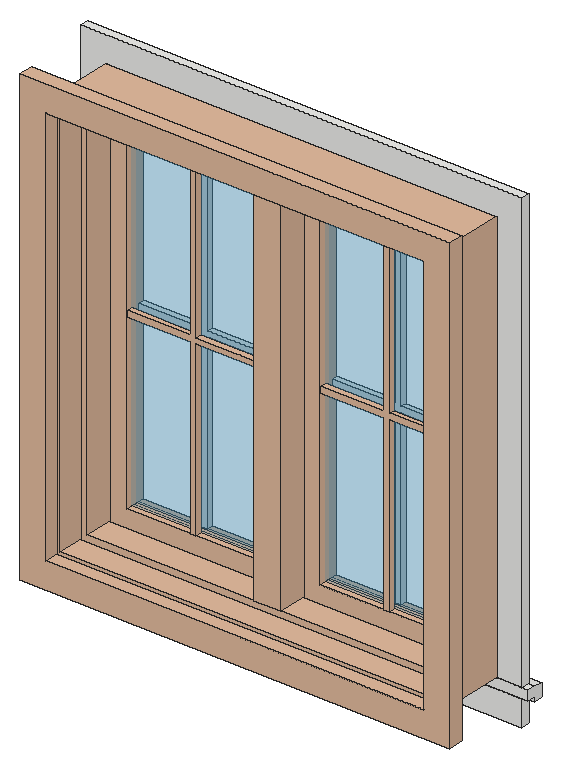
Revit family "Window-Casement-Double", category Windows, host Wall, Revit 2020
Family settings
  Host = Wall
  OmniClass Number = 23.30.20.17.21.14
  OmniClass Title = Casement Windows
  Always vertical = Yes
  Cut with Voids When Loaded = Yes
  Shared = Yes
  Room Calculation Point = Yes
Parameters (values of type "34" x 36"")
  Frame Extension [instance] = if(Exterior Trim Visibility, Window Inset + 0' 0 1/4", 0' 0 1/4")  # 0' - 0 1/4"
  Window Inset [instance] = 0' - 0"
  Wall Thickness [instance] = 0' - 6"
  Interior Wall Closure [instance] = 0' - 2 1/4"
  Interior Trim Material = Wood - Stained
  Half Width = Width / 2  # 1' - 5"
  Visual Light Transmittance = 0.81
  Thermal Resistance (R) = 1.8146 (h·ft²·°F)/BTU
  Solar Heat Gain Coefficient = 0.76
  Rough Width = Width + 0' 0 1/2"  # 2' - 10 1/2"
  Rough Height = Height + 0' 0 1/2"  # 3' - 0 1/2"
  Muntin Visibility = yes
  Muntin Pattern = Muntin Pattern_2x2 : Muntin Pattern_2x2
  Interior Trim Visibility [instance] = yes
  Interior Trim = Trim-Window-Interior-Flat : Picture Frame
  Height = 3' - 0"
  Interior Frame Material = Wood - Stained
  Heat Transfer Coefficient (U) = 0.5511 BTU/(h·ft²·°F)
  Glass Panel Material = Glass
  Fire Rating = "0.5h"
  Exterior Wall Closure [instance] = 0' - 1 1/4"
  Exterior Trim Visibility [instance] = yes
  Exterior Trim Material = Clad - White
  Exterior Trim = Trim-Window-Exterior-Flat : with Sill
  Exterior Frame Material = Clad - White
  Extension Jamb Visibility [instance] = and(Interior Trim Visibility, Wall Thickness - Window Inset > 0' 3 3/4")  # yes
  Extension Jamb [instance] = if(Wall Thickness - Window Inset > 0' 3 3/4", Wall Thickness - Window Inset - 0' 3 3/4", 0' 1")  # 0' - 2 1/4"
  Define Thermal Properties by = Schematic Type
  Default Sill Height = 3' - 0"
  Wall Closure = By host
  Width = 2' - 10"
  Assembly Code = "B2020100"
  Analytic Construction = "Double glazing - domestic"
Reference planes (in)
  plane 1 "Center (Front/Back)": y = 0
  plane 2: z = 0
  plane 3 "Center (Left/Right)": x = 0
  plane 4 "Left": x = -17
  plane 5 "Right": x = 17
  plane 6 "Sill": z = 36
  plane 7 "Top": z = 72
  plane 8 "Inset Face": y = 3
  plane 9 "Wall Closure": y = -0.75
  plane 10 "Sash Face": y = 3.5
  plane 11 "Exterior": y = 3
  plane 12: x = 16.5
  plane 13: x = -16.5
  plane 14: z = 71.5
  plane 15: z = 36.5
  plane 16: x = 14.25
  plane 17: x = -14.25
  plane 18: z = 69.25
  plane 19: z = 38.75
  plane 20: x = 0.375
  plane 21: x = -0.375
  plane 22: y = 2.25
  plane 23 "Glass": y = 2.625
  plane 24 "Middle": z = 54
  plane 25: y = 3.75
  plane 26: y = 3.75
  plane 27 "Interior": y = -3
  plane 28 "Jamb": y = -0.75
  plane 29: x = -1.1875
  plane 30: x = 1.1875
  plane 31: x = 2.625
  plane 32: x = -2.625
  plane 33: y = -0.75
  plane 34: y = 1.75
  plane 35: y = 3.75
Forms (in)
  Sweep 1, solid, material "Wood - Stained" <- "Interior Frame Material"
    path origin (0, 3.5, 0) x (-1, 0, 0) y (0, 0, 1)
      loop
        line (-17, 36) -> (17, 36) -> (17, 72) -> (-17, 72) -> (-17, 36)
    profile origin (17, 3.5, 54) x (1, 0, 0) y (0, 1, 0)
      loop
        line (0, 0.25) -> (-0.5, 0.25) -> (-0.5, -1.75) -> (-1.25, -1.75) -> (-1.25, -4.25) -> (0, -4.25) -> (0, 0.25)
  Extrusion 2, solid, material "Wood - Stained" <- "Interior Frame Material", visible <- "Extension Jamb Visibility"
    sketch origin (0, 0, 0) x (1, 0, 0) y (0, 0, 1)
      loop
        line (17, 72) -> (-17, 72) -> (-17, 36) -> (17, 36) -> (17, 72)
      loop
        line (16.25, 36.75) -> (16.25, 71.25) -> (-16.25, 71.25) -> (-16.25, 36.75) -> (16.25, 36.75)
    from 0.75 to 3
  Sweep 3, solid, material "Wood - Stained" <- "Interior Frame Material"
    path origin (0, 3.5, 0) x (-1, 0, 0) y (0, 0, 1)
      loop
        line (-16.5, 71.5) -> (-16.5, 36.5) -> (-0.375, 36.5) -> (-0.375, 71.5) -> (-16.5, 71.5)
    profile origin (16.5, 3.5, 54) x (0, 1, 0) y (-1, 0, 0)
      loop
        line (0, 0) -> (0, 2.25) -> (-1.75, 2.25) -> (-1.75, 0) -> (0, 0)
  Sweep 4, solid, material "Wood - Stained" <- "Interior Frame Material"
    path origin (0, 3.5, 0) x (-1, 0, 0) y (0, 0, 1)
      loop
        line (0.375, 36.5) -> (16.5, 36.5) -> (16.5, 71.5) -> (0.375, 71.5) -> (0.375, 36.5)
    profile origin (-0.375, 3.5, 54) x (1, 0, 0) y (0, 1, 0)
      loop
        line (0, 0) -> (-2.25, 0) -> (-2.25, -1.75) -> (0, -1.75) -> (0, 0)
  Extrusion 5, solid, material "Glass"
    sketch origin (0, 0, 36) x (0, -1, 0) y (1, 0, 0)
      loop
        line (-3, 2.625) -> (-2.75, 2.625) -> (-2.75, 14.25) -> (-3, 14.25) -> (-3, 2.625)
      loop
        line (-2.25, 14.25) -> (-2.5, 14.25) -> (-2.5, 2.625) -> (-2.25, 2.625) -> (-2.25, 14.25)
    from 2.75 to 33.25
  Extrusion 6, solid, material "Glass"
    sketch origin (-27.625, 0, 36) x (0, -1, 0) y (1, 0, 0)
      loop
        line (-3, 13.375) -> (-2.75, 13.375) -> (-2.75, 25) -> (-3, 25) -> (-3, 13.375)
      loop
        line (-2.25, 25) -> (-2.5, 25) -> (-2.5, 13.375) -> (-2.25, 13.375) -> (-2.25, 25)
    from 2.75 to 33.25
  Extrusion 7, solid, material "Wood - Stained" <- "Interior Frame Material"
    sketch origin (0, 0, 36) x (0, -1, 0) y (1, 0, 0)
      loop
        line (-3.75, -0.375) -> (-1.75, -0.375) -> (-1.75, -1.1875) -> (0.75, -1.1875) -> (0.75, 1.1875) -> (-1.75, 1.1875) -> (-1.75, 0.375) -> (-3.75, 0.375) -> (-3.75, -0.375)
    from 0.5 to 35.5
  Extrusion 8, void
    sketch origin (0, 0, 0) x (1, 0, 0) y (0, 0, 1)
      loop
        line (1.1875, 37.25) -> (-1.1875, 37.25) -> (-1.1875, 36.5) -> (1.1875, 36.5) -> (1.1875, 37.25)
      loop
        line (1.1875, 70.75) -> (1.1875, 71.5) -> (-1.1875, 71.5) -> (-1.1875, 70.75) -> (1.1875, 70.75)
    from -1.75 to 0.75
Cuts and joins
  Extrusion 8 cuts Extrusion 7
Lines and regions (in)
  Opening 1
    outline origin (-60, -3, 0) x (1, 0, 0) y (0, 0, 1)
      loop
        line (43, 72) -> (43, 36) -> (77, 36) -> (77, 72) -> (43, 72)
  Split face 1
    outline origin (14.25, 3.5, 38.75) x (-1, 0, 0) y (0, -1, 0)
      loop
        line (11.625, 0.5) -> (0, 0.5)
  Split face 2
    outline origin (14.25, 3.5, 69.25) x (0, 0, -1) y (0, -1, 0)
      loop
        line (0, 0.5) -> (30.5, 0.5)
  Split face 3
    outline origin (2.625, 3.5, 38.75) x (0, 0, 1) y (0, -1, 0)
      loop
        line (30.5, 0.5) -> (0, 0.5)
  Split face 4
    outline origin (2.625, 3.5, 69.25) x (0, -1, 0) y (1, 0, 0)
      loop
        line (0.5, 0) -> (0.5, 11.625)
  Split face 5
    outline origin (-14.25, 1.75, 38.75) x (1, 0, 0) y (0, 1, 0)
      loop
        line (0, 1.25) -> (11.625, 1.25)
  Split face 6
    outline origin (-2.625, 1.75, 38.75) x (0, 0, 1) y (0, 1, 0)
      loop
        line (30.5, 1.25) -> (0, 1.25)
  Split face 7
    outline origin (-14.25, 1.75, 69.25) x (0, 0, -1) y (0, 1, 0)
      loop
        line (30.5, 1.25) -> (0, 1.25)
  Split face 8
    outline origin (-2.625, 1.75, 69.25) x (0, 1, 0) y (-1, 0, 0)
      loop
        line (1.25, 11.625) -> (1.25, 0)
  symbolic lines, style "Elevation Swing"
    curve 1: line (0.375, 0, 71.5) -> (16.5, 0, 54)
    curve 2: line (16.5, 0, 54) -> (0.375, 0, 36.5)
    curve 3: line (-0.375, 0, 71.5) -> (-16.5, 0, 54)
    curve 4: line (-16.5, 0, 54) -> (-0.375, 0, 36.5)
Text (in)
  text "EXTERIOR" at (-58.6888, 50.90694, 0), in view "Ref. Level"
  text "INTERIOR" at (-58.6888, -37.76638, 0), in view "Ref. Level"
  text "Exterior" at (0, 43.65631, 123.19604), in view "Left"
  text "Exterior" at (0, 18.29385, 125.04747), in view "Right"
Dimensions and locks (in)
  equal spacing: plane 4 "Left", plane 3 "Center (Left/Right)", plane 5 "Right"
  "Width": plane 4 "Left" to plane 5 "Right"
  "Height": plane 6 "Sill" to plane 7 "Top"
  "Default Sill Height": plane 2 to plane 6 "Sill"
  locked: plane 10 "Sash Face" to plane 8 "Inset Face" at 0.5
  "Wall Thickness": host wall to host wall
  "Window Inset": plane 11 "Exterior" to plane 8 "Inset Face"
  locked: Sweep 1 sketch curve to plane 5 "Right" at 1.25
  locked: Sweep 1 sketch curve to plane 5 "Right" at 0.5
  locked: plane 10 "Sash Face" to Sweep 1 sketch curve at 1.75
  locked: plane 12 to plane 5 "Right" at 0.5
  locked: plane 4 "Left" to plane 13 at 0.5
  locked: plane 14 to plane 7 "Top" at 0.5
  locked: plane 6 "Sill" to plane 15 at 0.5
  locked: plane 16 to plane 12 at 2.25
  locked: plane 13 to plane 17 at 2.25
  locked: plane 18 to plane 14 at 2.25
  locked: plane 15 to plane 19 at 2.25
  locked: Extrusion 2 sketch curve to plane 7 "Top" at 0.75
  locked: Extrusion 2 sketch curve to plane 5 "Right" at 0.75
  locked: Extrusion 2 sketch curve to plane 4 "Left" at 0.75
  locked: plane 6 "Sill" to Extrusion 2 sketch curve at 0.75
  equal spacing: plane 21, plane 3 "Center (Left/Right)", plane 20
  locked: plane 21 to plane 20 at 0.75
  plane 22 to Sweep 3 = 0' - 0 1/2"
  equal spacing: plane 8 "Inset Face", plane 23 "Glass", plane 22
  locked: plane 8 "Inset Face" to plane 22 at 0.75
  equal spacing: plane 6 "Sill", plane 24 "Middle", plane 7 "Top"
  locked: plane 25 to plane 11 "Exterior" at 0.75
  locked: plane 26 to plane 10 "Sash Face" at 0.25
  "Extension Jamb": plane 28 "Jamb" to plane 27 "Interior"
  locked: plane 8 "Inset Face" to plane 9 "Wall Closure" at 3.75
  equal spacing: plane 29, plane 3 "Center (Left/Right)", plane 30
  locked: plane 29 to plane 30 at 2.375
  Extrusion 2 to Extrusion 8 = 2' - 11 1/2"
  locked: plane 30 to plane 31 at 1.4375
  locked: plane 29 to plane 32 at 1.4375
  "Interior Wall Closure": plane 33 to plane 27 "Interior"
  "Exterior Wall Closure": plane 11 "Exterior" to plane 34
  "Frame Extension": plane 35 to plane 10 "Sash Face"
  aligned and locked: plane 7 "Top" to Opening 1 sketch curve
  aligned and locked: plane 6 "Sill" to Opening 1 sketch curve  (x2)
  aligned and locked: plane 5 "Right" to Opening 1 sketch curve
  aligned and locked: plane 4 "Left" to Opening 1 sketch curve
  aligned and locked: level to plane 2
  aligned and locked: host wall to plane 11 "Exterior"
  aligned and locked: plane 5 "Right" to Sweep 1 sketch curve
  aligned and locked: plane 7 "Top" to Sweep 1 sketch curve
  aligned and locked: Sweep 1 sketch curve to plane 4 "Left"
  aligned and locked: Sweep 1 sketch curve to plane 6 "Sill"
  aligned and locked: Extrusion 2 sketch curve to host wall  (x3)
  aligned and locked: plane 7 "Top" to Extrusion 2 sketch curve
  aligned and locked: host wall to Extrusion 2
  aligned and locked: Sweep 3 sketch curve to plane 12
  aligned and locked: plane 14 to Sweep 3 sketch curve
  aligned and locked: Sweep 3 sketch curve to plane 15
  aligned and locked: plane 16 to Sweep 3 sketch curve
  aligned and locked: plane 10 "Sash Face" to Sweep 3 sketch curve
  aligned and locked: plane 20 to Sweep 3 sketch curve
  aligned and locked: plane 21 to Sweep 4 sketch curve
  aligned and locked: plane 15 to Sweep 4 sketch curve
  aligned and locked: Sweep 4 sketch curve to plane 13
  aligned and locked: Sweep 4 sketch curve to plane 14
  aligned and locked: Split face 1 sketch curve to plane 8 "Inset Face"
  aligned and locked: plane 8 "Inset Face" to Split face 2 sketch curve
  aligned and locked: plane 8 "Inset Face" to Split face 3 sketch curve
  aligned and locked: Split face 4 sketch curve to plane 8 "Inset Face"
  aligned and locked: Extrusion 5 sketch curve to plane 8 "Inset Face"
  aligned and locked: plane 16 to Extrusion 5 sketch curve
  aligned and locked: Sweep 3 to Extrusion 5 sketch curve
  aligned and locked: Extrusion 5 sketch curve to plane 22
  aligned and locked: Extrusion 5 sketch curve to plane 16
  aligned and locked: Extrusion 5 sketch curve to Sweep 3
  aligned and locked: plane 18 to Extrusion 5
  aligned and locked: Extrusion 5 to plane 19
  aligned and locked: Extrusion 6 sketch curve to plane 8 "Inset Face"
  aligned and locked: plane 22 to Extrusion 6 sketch curve
  aligned and locked: Sweep 4 to Extrusion 6 sketch curve  (x2)
  aligned and locked: Extrusion 6 sketch curve to plane 17  (x2)
  aligned and locked: plane 19 to nested 1
  aligned and locked: nested 1 to plane 23 "Glass"
  aligned and locked: plane 23 "Glass" to nested 2
  aligned and locked: nested 2 to plane 19
  aligned and locked: plane 24 "Middle" to curve 2
  aligned and locked: plane 24 "Middle" to curve 4
  aligned and locked: plane 14 to curve 1
  aligned and locked: plane 14 to curve 3
  aligned and locked: plane 15 to curve 2
  aligned and locked: plane 15 to curve 4
  aligned and locked: plane 18 to Extrusion 6
  aligned and locked: Split face 5 sketch curve to Extrusion 6
  aligned and locked: plane 8 "Inset Face" to Split face 6 sketch curve
  aligned and locked: Split face 7 sketch curve to plane 8 "Inset Face"
  aligned and locked: Split face 8 sketch curve to plane 8 "Inset Face"
  aligned and locked: plane 27 "Interior" to host wall
  aligned and locked: plane 28 "Jamb" to Extrusion 2
  aligned and locked: plane 9 "Wall Closure" to Sweep 1
  aligned and locked: Extrusion 7 sketch curve to plane 26
  aligned and locked: Extrusion 7 to Sweep 1
  aligned and locked: Sweep 1 to Extrusion 8 sketch curve
  aligned and locked: plane 30 to Extrusion 8 sketch curve
  aligned and locked: Extrusion 8 sketch curve to Extrusion 7
  aligned and locked: Extrusion 7 to Extrusion 8 sketch curve
  aligned and locked: Extrusion 8 to Sweep 1
  aligned and locked: Sweep 1 to Extrusion 8
  aligned and locked: plane 9 "Wall Closure" to Extrusion 7 sketch curve
  aligned and locked: plane 14 to cut or joined group of Extrusion 7, Extrusion 8
  aligned and locked: nested 3 to plane 11 "Exterior"
  aligned and locked: plane 27 "Interior" to nested 3
  aligned and locked: nested 3 to plane 4 "Left"
  aligned and locked: plane 3 "Center (Left/Right)" to nested 4
  aligned and locked: nested 4 to plane 11 "Exterior"
  aligned and locked: nested 3 to plane 7 "Top"
  aligned and locked: nested 4 to plane 7 "Top"
  aligned and locked: nested 2 to plane 16
  aligned and locked: nested 1 to plane 17
  aligned and locked: plane 18 to nested 1
  aligned and locked: nested 2 to plane 18
  aligned and locked: nested 2 to plane 31
  aligned and locked: nested 1 to plane 32
  aligned and locked: plane 7 "Top" to nested 6
  aligned and locked: plane 3 "Center (Left/Right)" to nested 6
  aligned and locked: plane 7 "Top" to nested 5
  aligned and locked: nested 5 to plane 3 "Center (Left/Right)"
  aligned and locked: plane 35 to Sweep 1 sketch curve
Automatic sketch dimensions
  Sweep 3 sketch curve to profile plane = 0' - 0"
  Sweep 3 sketch curve to plane 10 "Sash Face" = 0' - 1 3/4"
  Sweep 4 sketch curve to plane 10 "Sash Face" = 0' - 0"
  Sweep 4 sketch curve to profile plane = 0' - 0"
  profile plane to Sweep 4 sketch curve = 0' - 2 1/4"
  Sweep 4 sketch curve to plane 10 "Sash Face" = 0' - 1 3/4"
  Split face 1 sketch curve to Sweep 3 = 0' - 0"  (x2)
  Sweep 3 to Split face 2 sketch curve = 0' - 0"
  Split face 2 sketch curve to Sweep 3 = 0' - 0"
  Split face 3 sketch curve to Sweep 3 = 0' - 0"
  Sweep 3 to Split face 3 sketch curve = 0' - 0"
  Split face 4 sketch curve to Sweep 3 = 0' - 0"  (x2)
  plane 23 "Glass" to Extrusion 5 sketch curve = 0' - 0 1/8"
  Extrusion 5 sketch curve to plane 23 "Glass" = 0' - 0 1/8"
  plane 23 "Glass" to Extrusion 6 sketch curve = 0' - 0 1/8"
  Extrusion 6 sketch curve to plane 23 "Glass" = 0' - 0 1/8"
  plane 13 to curve 4 = 0' - 0"
  plane 21 to curve 3 = 0' - 0"
  plane 21 to curve 4 = 0' - 0"
  plane 20 to curve 2 = 0' - 0"
  plane 20 to curve 1 = 0' - 0"
  plane 12 to curve 2 = 0' - 0"
  Split face 5 sketch curve to Sweep 4 = 0' - 0"  (x2)
  Split face 6 sketch curve to Sweep 4 = 0' - 0"
  Sweep 4 to Split face 6 sketch curve = 0' - 0"
  Sweep 4 to Split face 7 sketch curve = 0' - 0"
  Split face 7 sketch curve to Sweep 4 = 0' - 0"
  Split face 8 sketch curve to Sweep 4 = 0' - 0"  (x2)
  Extrusion 7 sketch curve to plane 29 = 0' - 0"
  Extrusion 7 sketch curve to plane 21 = 0' - 0"
  Extrusion 7 sketch curve to plane 20 = 0' - 0"
  Extrusion 7 sketch curve to plane 30 = 0' - 0"
  Extrusion 7 sketch curve to plane 22 = 0' - 0 1/2"  (x2)
  Extrusion 8 sketch curve to plane 14 = 0' - 0"
  Extrusion 8 sketch curve to plane 29 = 0' - 0"
  Extrusion 8 sketch curve to plane 30 = 0' - 0"
  Extrusion 8 sketch curve to plane 14 = 0' - 0 3/4"
  Sweep 1 sketch curve to profile plane = 0' - 0"
  Sweep 1 sketch curve to Sweep 1 sketch curve = 0' - 2 1/2"
Nested families (in)
  nested 1: "Muntin Pattern_2x2" at (-8.4375, 2.625, 38.75), type <- "Muntin Pattern", Exterior Material <- "Exterior Frame Material", Interior Material <- "Interior Frame Material", visible <- "Muntin Visibility", type "Muntin Pattern_2x2"
    with Width 0' - 11 5/8", Interior Material Wood - Stained, Height 2' - 6 1/2", Exterior Material Clad - White
  nested 2: "Muntin Pattern_2x2" at (8.4375, 2.625, 38.75) x (-1, 0, 0) z (0, 0, 1), type <- "Muntin Pattern", Exterior Material <- "Exterior Frame Material", Interior Material <- "Interior Frame Material", visible <- "Muntin Visibility", type "Muntin Pattern_2x2"
    with Width 0' - 11 5/8", Interior Material Wood - Stained, Height 2' - 6 1/2", Exterior Material Clad - White
  nested 3: "Plan-Casement" at (-8.5, 3, 36), Width <- "Half Width", Height <- "Height", Window Inset <- "Window Inset", Wall Thickness <- "Wall Thickness", type "Plan-Casement"
    with Window Inset of 3D 0' - 0", Window Inset 0' - 0", Width 1' - 5", Wall Thickness 0' - 6", Top Line yes, Right Line no, RH no, Left Line yes, LH yes, Height 3' - 0", Bottom Line yes
  nested 4: "Plan-Casement" at (8.5, 3, 36), Width <- "Half Width", Height <- "Height", Wall Thickness <- "Wall Thickness", Window Inset <- "Window Inset", type "Plan-Casement"
    with Window Inset of 3D 0' - 0", Window Inset 0' - 0", Width 1' - 5", Wall Thickness 0' - 6", Top Line yes, Right Line yes, RH yes, Left Line no, LH no, Height 3' - 0", Bottom Line yes
  nested 5: "Trim-Window-Exterior-Flat" at (0, 3, 72) x (-1, 0, 0) z (0, 1, 0), visible <- "Exterior Trim Visibility", Trim Material <- "Exterior Trim Material", Opening Width <- "Width", Opening Height <- "Height", type <- "Exterior Trim", type "with Sill"
    with Trim Material Clad - White, Opening Width 2' - 10", Opening Height 3' - 0"
  nested 6: "Trim-Window-Interior-Flat" at (0, -3, 72) x (1, 0, 0) z (0, -1, 0), visible <- "Interior Trim Visibility", Trim Material <- "Interior Trim Material", Opening Width <- "Width", Opening Height <- "Height", type <- "Interior Trim", type "Picture Frame"
    with Trim Material Wood - Stained, Opening Width 2' - 10", Opening Height 3' - 0"
Definition of nested family "Muntin Pattern_2x2"
  Parameters (values of type "Muntin Pattern_2x2")
    Width [instance] = 4' - 0"
    Thickness = 0' - 0 1/2"
    Height [instance] = 4' - 0"
    Interior Material [instance] = none
    Exterior Material [instance] = none
    Distance = 0' - 0 3/4"
    Default Elevation = 0' - 0"
  Reference planes (in)
    plane 1 "Center (Front/Back)": y = 0
    plane 2: z = 0
    plane 3 "Center (Left/Right)": x = 0
    plane 4: z = 48
    plane 5: x = -24
    plane 6: x = 24
    plane 7: z = 24
    plane 8: y = 0.375
    plane 9: y = 0.875
    plane 10: y = -0.375
    plane 11: y = -0.875
  Forms (in)
    Extrusion 1, solid, material <- "Interior Material", detail levels fine
      sketch origin (0, 0, 0) x (1, 0, 0) y (0, 0, 1)
        loop
          line (-24, 24.25) -> (-24, 23.75) -> (-0.25, 23.75) -> (-0.25, 0) -> (0.25, 0) -> (0.25, 23.75) -> (24, 23.75) -> (24, 24.25) -> (0.25, 24.25) -> (0.25, 48) -> (-0.25, 48) -> (-0.25, 24.25) -> (-24, 24.25)
      from 0.375 to 0.875
    Extrusion 2, solid, material <- "Exterior Material", detail levels fine
      sketch origin (0, 0, 0) x (1, 0, 0) y (0, 0, -1)
        loop
          line (-24, -24.25) -> (-0.25, -24.25) -> (-0.25, -48) -> (0.25, -48) -> (0.25, -24.25) -> (24, -24.25) -> (24, -23.75) -> (0.25, -23.75) -> (0.25, 0) -> (-0.25, 0) -> (-0.25, -23.75) -> (-24, -23.75) -> (-24, -24.25)
      from 0.375 to 0.875
  Lines and regions (in)
    model lines, detail levels medium
      curve 1: line (0, 0.375, 48) -> (0, 0.375, 0)
      curve 2: line (-24, -0.375, 24) -> (24, -0.375, 24)
      curve 3: line (-24, 0.375, 24) -> (24, 0.375, 24)
      curve 4: line (0, -0.375, 48) -> (0, -0.375, 0)
  Dimensions and locks (in)
    equal spacing: plane 6, plane 3 "Center (Left/Right)", plane 5
    "Width": plane 6 to plane 5
    "Height": plane 4 to plane 2
    equal spacing: plane 4, plane 7, plane 2
    locked: plane 3 "Center (Left/Right)" to Extrusion 1 sketch curve at 0.25  (x4)
    locked: Extrusion 1 sketch curve to plane 7 at 0.25  (x2)
    locked: plane 7 to Extrusion 1 sketch curve at 0.25  (x2)
    "Thickness": plane 9 to plane 8
    "Thickness": plane 10 to plane 11
    "Distance": plane 8 to plane 10
    equal spacing: plane 8, plane 1 "Center (Front/Back)", plane 10
    aligned and locked: plane 2 to level
    aligned and locked: plane 4 to curve 1
    aligned and locked: plane 5 to curve 2
    aligned and locked: plane 2 to curve 1
    aligned and locked: plane 6 to curve 2
    aligned and locked: Extrusion 1 sketch curve to plane 4
    aligned and locked: Extrusion 1 sketch curve to plane 6
    aligned and locked: Extrusion 1 sketch curve to plane 5
    aligned and locked: Extrusion 1 sketch curve to level
    aligned and locked: Extrusion 1 to plane 11
    aligned and locked: plane 10 to Extrusion 1
    aligned and locked: Extrusion 2 to plane 5
    aligned and locked: plane 6 to Extrusion 2
    aligned and locked: Extrusion 2 to plane 8
    aligned and locked: plane 9 to Extrusion 2
    aligned and locked: Extrusion 2 to plane 2
    aligned and locked: plane 4 to Extrusion 2
    aligned and locked: plane 5 to curve 3
    aligned and locked: plane 6 to curve 3
    aligned and locked: plane 4 to curve 4
    aligned and locked: plane 2 to curve 4
    aligned and locked: plane 8 to curve 3
  Automatic sketch dimensions
    curve 2 to plane 7 = 0' - 0"
    Extrusion 2 sketch curve to plane 5 = 0' - 0"
    Extrusion 2 sketch curve to level = 0' - 0"
    Extrusion 2 sketch curve to plane 4 = 0' - 0"
    Extrusion 2 sketch curve to plane 6 = 0' - 0"
    Extrusion 2 sketch curve to plane 3 "Center (Left/Right)" = 0' - 0 1/4"  (x2)
    plane 3 "Center (Left/Right)" to Extrusion 2 sketch curve = 0' - 0 1/4"  (x2)
    plane 7 to Extrusion 2 sketch curve = 0' - 0 1/4"  (x2)
    Extrusion 2 sketch curve to plane 7 = 0' - 0 1/4"  (x2)
    curve 4 to plane 3 "Center (Left/Right)" = 0' - 0"
    curve 4 to level = 0' - 0"
    curve 4 to plane 4 = 0' - 0"
    curve 3 to plane 6 = 0' - 0"
    curve 1 to plane 3 "Center (Left/Right)" = 0' - 0"
    curve 3 to plane 5 = 0' - 0"
    curve 3 to plane 7 = 0' - 0"
Definition of nested family "Trim-Window-Exterior-Flat"
  Parameters (values of type "with Sill")
    Trim Width = 0' - 2 1/4"
    Trim Thickness_Picture Frame = 0' - 1 1/4"
    Trim Thickness_with Sill = 0' - 0 3/4"
    Trim Material [instance] = none
    Sill Thickness = 0' - 1 1/4"
    Sill = yes
    Picture Frame = no
    Opening Width [instance] = 2' - 0"
    Opening Height [instance] = 3' - 0"
    Default Elevation = 4' - 0"
  Types (2): name | Sill | Picture Frame
    with Sill | yes | no
    Picture Frame | no | yes
  Reference planes (in)
    plane 1 "Center (Front/Back)": y = 0
    plane 2: z = 0
    plane 3 "Center (Left/Right)": x = 0
    plane 4: y = 2.25
    plane 5 "Left": x = -12
    plane 6 "Right": x = 12
    plane 7 "Bottom": y = -36
    plane 8: y = -37.25
    plane 9: y = -39.12332
    plane 10: x = 14.25
    plane 11: x = -14.25
    plane 12: z = 0.75
    plane 13: z = 1.25
    plane 14: x = 14.75
    plane 15: x = -14.75
    plane 16: y = -36.87332
    plane 17: y = -38.25
    plane 18: z = 0.5
    plane 19: y = -18
    plane 20: z = 1.5
  Forms (in)
    Extrusion 1, solid
      sketch origin (0, 0, 0) x (1, 0, 0) y (0, 1, 0)
        loop
          line (-14.25, 2.25) -> (-14.25, -39.12332) -> (14.25, -39.12332) -> (14.25, 2.25) -> (-14.25, 2.25)
      from 0 to -12
    Extrusion 2, solid, material <- "Trim Material", visible <- "Sill"
      sketch origin (0, 0, 0) x (1, 0, 0) y (0, 1, 0)
        loop
          line (-14.25, -36) -> (-12, -36) -> (-12, 0) -> (12, 0) -> (12, -36) -> (14.25, -36) -> (14.25, 2.25) -> (-14.25, 2.25) -> (-14.25, -36)
      from 0 to 0.75
    Extrusion 3, solid, material <- "Trim Material", visible <- "Sill"
      sketch origin (0, 0, 0) x (0, 1, 0) y (0, 0, 1)
        loop
          line (-36.09677, 1.5) -> (-37.25, 1.5) -> (-37.25, 0.75) -> (-36.87332, 0.75) -> (-36.87332, 0) -> (-36, 0) -> (-36, 0.75) -> (-36.09677, 1.5)
      from -14.75 to 14.75
    Extrusion 4, solid, material <- "Trim Material", visible <- "Sill"
      sketch origin (0, 0, 0) x (1, 0, 0) y (0, 1, 0)
        loop
          line (-14.25, -36.87332) -> (-14.25, -39.12332) -> (14.25, -39.12332) -> (14.25, -36.87332) -> (-14.25, -36.87332)
      from 0 to 0.75
    Extrusion 5, solid, material <- "Trim Material", visible <- "Picture Frame"
      sketch origin (0, 0, 0) x (1, 0, 0) y (0, 1, 0)
        loop
          line (-12, 0) -> (-12, -36) -> (12, -36) -> (12, 0) -> (-12, 0)
        loop
          line (-14.25, 2.25) -> (-14.25, -38.25) -> (14.25, -38.25) -> (14.25, 2.25) -> (-14.25, 2.25)
      from 0 to 1.25
  Dimensions and locks (in)
    equal spacing: plane 5 "Left", plane 3 "Center (Left/Right)", plane 6 "Right"
    "Opening Width": plane 5 "Left" to plane 6 "Right"
    "Opening Height": plane 7 "Bottom" to plane 1 "Center (Front/Back)"
    "Sill Thickness": plane 7 "Bottom" to plane 8
    "Trim Width": plane 11 to plane 5 "Left"
    "Trim Width": plane 6 "Right" to plane 10
    "Trim Width": plane 1 "Center (Front/Back)" to plane 4
    locked: plane 15 to plane 11 at 0.5
    locked: plane 10 to plane 14 at 0.5
    locked: plane 16 to plane 8 at 0.37668
    "Trim Width": plane 9 to plane 16
    "Trim Width": plane 17 to plane 7 "Bottom"
    locked: plane 18 to plane 2 at 0.5
    equal spacing: plane 7 "Bottom", plane 19, plane 1 "Center (Front/Back)"
    locked: plane 20 to plane 12 at 0.75
    "Trim Thickness_with Sill": plane 12 to plane 2
    "Trim Thickness_Picture Frame": plane 13 to plane 2
    aligned and locked: plane 2 to Extrusion 1
    aligned and locked: level to Extrusion 1
    aligned and locked: Extrusion 2 sketch curve to plane 5 "Left"
    aligned and locked: Extrusion 2 sketch curve to plane 11
    aligned and locked: plane 7 "Bottom" to Extrusion 2 sketch curve  (x2)
    aligned and locked: plane 1 "Center (Front/Back)" to Extrusion 2 sketch curve
    aligned and locked: plane 10 to Extrusion 2 sketch curve
    aligned and locked: Extrusion 2 sketch curve to plane 6 "Right"
    aligned and locked: plane 12 to Extrusion 2
    aligned and locked: Extrusion 3 sketch curve to level
    aligned and locked: plane 7 "Bottom" to Extrusion 3 sketch curve
    aligned and locked: Extrusion 3 sketch curve to plane 8
    aligned and locked: plane 15 to Extrusion 3
    aligned and locked: Extrusion 3 to plane 14
    aligned and locked: plane 10 to Extrusion 4 sketch curve
    aligned and locked: Extrusion 4 sketch curve to plane 11
    aligned and locked: plane 16 to Extrusion 4 sketch curve
    aligned and locked: plane 9 to Extrusion 4 sketch curve
    aligned and locked: Extrusion 4 to Extrusion 2
    aligned and locked: Extrusion 2 sketch curve to plane 4
    aligned and locked: plane 1 "Center (Front/Back)" to Extrusion 5 sketch curve
    aligned and locked: Extrusion 5 sketch curve to plane 4
    aligned and locked: Extrusion 5 sketch curve to plane 17
    aligned and locked: plane 7 "Bottom" to Extrusion 5 sketch curve
    aligned and locked: Extrusion 5 sketch curve to plane 6 "Right"
    aligned and locked: plane 10 to Extrusion 5 sketch curve
    aligned and locked: Extrusion 5 sketch curve to plane 5 "Left"
    aligned and locked: Extrusion 5 sketch curve to plane 11
    aligned and locked: plane 13 to Extrusion 5
    aligned and locked: plane 20 to Extrusion 3
  Automatic sketch dimensions
    Extrusion 1 sketch curve to Extrusion 1 sketch curve = 2' - 4 1/2"
    Extrusion 1 sketch curve to Extrusion 1 sketch curve = 3' - 5.37332"
    Extrusion 3 sketch curve to plane 16 = 0' - 0"
    Extrusion 3 sketch curve to plane 12 = 0' - 0"  (x2)
    Extrusion 3 sketch curve to plane 7 "Bottom" = 0' - 0.09677"
    plane 13 to Extrusion 3 sketch curve = 0' - 0 1/4"
Definition of nested family "Trim-Window-Interior-Flat"
  Parameters (values of type "with Sill")
    Trim Thickness_Picture Frame = 0' - 1 1/4"
    Trim Width = 0' - 2 1/4"
    Trim Thickness_with Sill = 0' - 0 3/4"
    Trim Material [instance] = none
    Sill Thickness = 0' - 1 1/4"
    Sill = yes
    Picture Frame = no
    Opening Width [instance] = 2' - 0"
    Opening Height [instance] = 3' - 0"
    Default Elevation = 4' - 0"
  Types (2): name | Sill | Picture Frame
    with Sill | yes | no
    Picture Frame | no | yes
  Reference planes (in)
    plane 1 "Center (Front/Back)": y = 0
    plane 2: z = 0
    plane 3 "Center (Left/Right)": x = 0
    plane 4: y = 1.75
    plane 5 "Left": x = -12
    plane 6 "Right": x = 12
    plane 7 "Bottom": y = -36
    plane 8: y = -37.25
    plane 9: y = -39.12332
    plane 10: x = 13.75
    plane 11: x = -13.75
    plane 12: z = 0.75
    plane 13: z = 1.25
    plane 14: x = 14.25
    plane 15: x = -14.25
    plane 16: y = -36.87332
    plane 17: y = -37.75
    plane 18: z = 0.5
    plane 19: x = -11.5
    plane 20: y = -0.5
    plane 21: x = 11.5
    plane 22: y = -35.5
    plane 23: x = -13.25
    plane 24: x = 13.25
    plane 25: y = -18
  Forms (in)
    Extrusion 1, solid
      sketch origin (0, 0, 0) x (1, 0, 0) y (0, 1, 0)
        loop
          line (-13.75, 1.75) -> (-13.75, -37.75) -> (13.75, -37.75) -> (13.75, 1.75) -> (-13.75, 1.75)
      from 0 to -12
    Extrusion 2, solid, material <- "Trim Material", visible <- "Sill"
      sketch origin (0, 0, 0) x (1, 0, 0) y (0, 1, 0)
        loop
          line (-13.25, -36) -> (-11.5, -36) -> (-11.5, 0) -> (11.5, 0) -> (11.5, -36) -> (13.25, -36) -> (13.25, 1.75) -> (-13.25, 1.75) -> (-13.25, -36)
      from 0 to 0.75
    Extrusion 3, solid, material <- "Trim Material", visible <- "Sill"
      sketch origin (0, 0, 0) x (0, 1, 0) y (0, 0, 1)
        loop
          line (-36.5, 1.5) -> (-36.87332, 1.5) -> (-36.87332, 0) -> (-36, 0) -> (-36, 1)
          arc (-36, 1) -> (-36.14645, 1.35355) -> (-36.5, 1.5) r 0.5
      from -13.75 to 13.75
    Extrusion 4, solid, material <- "Trim Material", visible <- "Sill"
      sketch origin (0, 0, 0) x (1, 0, 0) y (0, 1, 0)
        loop
          line (-13.25, -36.87332) -> (-13.25, -39.12332) -> (13.25, -39.12332) -> (13.25, -36.87332) -> (-13.25, -36.87332)
      from 0 to 0.75
    Extrusion 5, solid, material <- "Trim Material", visible <- "Picture Frame"
      sketch origin (0, 0, 0) x (1, 0, 0) y (0, 1, 0)
        loop
          line (-11.5, -0.5) -> (-11.5, -35.5) -> (11.5, -35.5) -> (11.5, -0.5) -> (-11.5, -0.5)
        loop
          line (-13.75, 1.75) -> (-13.75, -37.75) -> (13.75, -37.75) -> (13.75, 1.75) -> (-13.75, 1.75)
      from 0 to 1.25
  Dimensions and locks (in)
    equal spacing: plane 5 "Left", plane 3 "Center (Left/Right)", plane 6 "Right"
    "Opening Width": plane 5 "Left" to plane 6 "Right"
    "Opening Height": plane 7 "Bottom" to plane 1 "Center (Front/Back)"
    "Sill Thickness": plane 7 "Bottom" to plane 8
    "Trim Width": plane 11 to plane 19
    "Trim Width": plane 21 to plane 10
    "Trim Width": plane 20 to plane 4
    "Trim Thickness_with Sill": plane 12 to plane 2
    locked: plane 15 to plane 11 at 0.5
    locked: plane 10 to plane 14 at 0.5
    locked: plane 16 to plane 8 at 0.37668
    "Trim Width": plane 9 to plane 16
    "Trim Width": plane 17 to plane 22
    plane 20 to plane 1 "Center (Front/Back)" = 0' - 0 1/2"
    plane 5 "Left" to plane 19 = 0' - 0 1/2"
    plane 21 to plane 6 "Right" = 0' - 0 1/2"
    plane 22 to plane 7 "Bottom" = 0' - 0 1/2"
    locked: plane 11 to plane 23 at 0.5
    locked: plane 24 to plane 10 at 0.5
    equal spacing: plane 7 "Bottom", plane 25, plane 1 "Center (Front/Back)"
    "Trim Thickness_Picture Frame": plane 13 to plane 2
    locked: Extrusion 3 to plane 12 at 0.75
    locked: plane 12 to Extrusion 3 sketch curve at 0.75
    radius of Extrusion 3 sketch curve = 0' - 0 1/2"
    aligned and locked: plane 2 to Extrusion 1
    aligned and locked: level to Extrusion 1
    aligned and locked: plane 7 "Bottom" to Extrusion 2 sketch curve  (x2)
    aligned and locked: plane 1 "Center (Front/Back)" to Extrusion 2 sketch curve
    aligned and locked: plane 12 to Extrusion 2
    aligned and locked: Extrusion 3 sketch curve to level
    aligned and locked: plane 7 "Bottom" to Extrusion 3 sketch curve
    aligned and locked: plane 16 to Extrusion 4 sketch curve
    aligned and locked: plane 9 to Extrusion 4 sketch curve
    aligned and locked: Extrusion 2 sketch curve to plane 4
    aligned and locked: Extrusion 5 sketch curve to plane 4
    aligned and locked: Extrusion 5 sketch curve to plane 17
    aligned and locked: plane 10 to Extrusion 5 sketch curve
    aligned and locked: Extrusion 5 sketch curve to plane 11
    aligned and locked: plane 13 to Extrusion 5
    aligned and locked: Extrusion 5 sketch curve to plane 20
    aligned and locked: Extrusion 5 sketch curve to plane 19
    aligned and locked: Extrusion 5 sketch curve to plane 21
    aligned and locked: plane 22 to Extrusion 5 sketch curve
    aligned and locked: Extrusion 4 to plane 24
    aligned and locked: plane 11 to Extrusion 3
    aligned and locked: Extrusion 3 to plane 10
    aligned and locked: Extrusion 2 sketch curve to plane 21
    aligned and locked: Extrusion 2 sketch curve to plane 24
    aligned and locked: Extrusion 2 sketch curve to plane 19
    aligned and locked: Extrusion 2 sketch curve to plane 23
    aligned and locked: plane 12 to Extrusion 4
  Automatic sketch dimensions
    Extrusion 1 sketch curve to Extrusion 1 sketch curve = 2' - 3 1/2"
    Extrusion 1 sketch curve to Extrusion 1 sketch curve = 3' - 3 1/2"
    Extrusion 3 sketch curve to plane 16 = 0' - 0"
    Extrusion 4 sketch curve to plane 11 = 0' - 0 1/2"
    Extrusion 4 sketch curve to plane 24 = 0' - 0"
Definition of nested family "Plan-Casement"
  Parameters (values of type "Plan-Casement")
    Window Inset [instance] = 0' - 1"
    Window Inset of 3D [instance] = if(Window Inset - 0' 0 1/2" < 0' 0", 0' 0", if(Window Inset - 0' 0 1/2" < Wall Thickness - 0' 3 1/2", Window Inset - 0' 0 1/2", Wall Thickness - 0' 3 1/2"))  # 0' - 0 1/2"
    Width [instance] = 4' - 0"
    Wall Thickness [instance] = 0' - 6"
    Top Line [instance] = yes
    Right Line [instance] = yes
    RH [instance] = yes
    Left Line [instance] = yes
    LH [instance] = yes
    Height [instance] = 3' - 0"
    Default Elevation = 4' - 0"
    Bottom Line [instance] = yes
    Analytic Construction = "<None>"
  Reference planes (in)
    plane 1 "Center (Front/Back)": y = 0
    plane 2: z = 0
    plane 3 "Center (Left/Right)": x = 0
    plane 4: x = -24
    plane 5: x = 24
    plane 6 "Jamb": y = -4
    plane 7: x = -23.5
    plane 8: x = -22.75
    plane 9: y = -0.5
    plane 10: y = -2.25
    plane 11: y = -1.375
    plane 12: x = -21.25
    plane 13: x = 23.5
    plane 14: x = 22.75
    plane 15: x = 21.25
    plane 16 "Window Inset": y = -1
    plane 17 "Wall": y = -6
    plane 18: z = 36
    plane 19: z = 35.5
    plane 20: z = 0.5
    plane 21: z = 34.75
    plane 22: z = 1.25
    plane 23: z = 33.25
    plane 24: z = 2.75
  Lines and regions (in)
    Masking region 1
      outline origin (0, 0.75, 0) x (1, 0, 0) y (0, 1, 0)
        loop
          line (-24, -0.75) -> (-24, -6.75) -> (24, -6.75) -> (24, -0.75) -> (-24, -0.75)
    Masking region 2
      outline origin (0, 0, 0) x (0, 1, 0) y (0, 0, 1)
        loop
          line (0, 36) -> (-6, 36) -> (-6, 0) -> (0, 0) -> (0, 36)
    symbolic lines
      curve 1: line (-23.5, -2.25, 0) -> (-22.75, -2.25, 0)
      curve 2: line (-22.75, -2.25, 0) -> (-22.75, -4, 0)
      curve 3: line (-23.5, -0.5, 0) -> (-23.5, -2.25, 0)
      curve 4: line (-21.25, -0.5, 0) -> (-21.25, -2.25, 0)
      curve 5: line (-21.25, -2.25, 0) -> (-22.75, -2.25, 0)
      curve 6: line (-21.25, -1.375, 0) -> (21.25, -1.375, 0)
      curve 7: line (23.5, -2.25, 0) -> (22.75, -2.25, 0)
      curve 8: line (22.75, -2.25, 0) -> (22.75, -4, 0)
      curve 9: line (23.5, -0.5, 0) -> (23.5, -2.25, 0)
      curve 10: line (21.25, -0.5, 0) -> (21.25, -2.25, 0)
      curve 11: line (21.25, -2.25, 0) -> (22.75, -2.25, 0)
      curve 14: line (-24, -4, 0) -> (-22.75, -4, 0)
      curve 15: line (22.75, -4, 0) -> (24, -4, 0)
      curve 16: line (22.75, -4, 0) -> (-22.75, -4, 0)
      curve 17: line (0, -0.5, 35.5) -> (0, -2.25, 35.5)
      curve 18: line (0, -2.25, 34.75) -> (0, -4, 34.75)
      curve 19: line (0, -0.5, 0.5) -> (0, -2.25, 0.5)
      curve 20: line (0, -2.25, 0.5) -> (0, -2.25, 2.75)
      curve 21: line (0, -2.25, 1.25) -> (0, -4, 1.25)
      curve 22: line (0, -0.5, 36) -> (0, -0.5, 33.25)
      curve 23: line (0, -0.5, 33.25) -> (0, -2.25, 33.25)
      curve 24: line (0, -2.25, 2.75) -> (0, -0.5, 2.75)
      curve 25: line (0, -1.375, 2.75) -> (0, -1.375, 33.25)
      curve 28: line (0, -2.25, 35.5) -> (0, -2.25, 33.25)
      curve 29: line (21.25, -0.5, 0) -> (24, -0.5, 0)
      curve 30: line (-21.25, -0.5, 0) -> (-24, -0.5, 0)
      curve 31: line (0, -0.5, 2.75) -> (0, -0.5, 0)
      curve 32: line (-21.25, -0.5, 0) -> (21.25, -0.5, 0)
      curve 33: line (0, -0.5, 33.25) -> (0, -0.5, 2.75)
      curve 38: line (0, -4, 1.25) -> (0, -4, 34.75)
      curve 39: line (0, -4, 1.25) -> (0, -4, 0)
      curve 40: line (0, -4, 36) -> (0, -4, 34.75)
    symbolic lines, visible <- "RH"
      curve 12: arc (-23.5, -0.5, 0) -> (-19.92234, 17.48612, 0) -> (-9.73402, 32.73402, 0) r 47
      curve 26: line (23.5, -0.5, 0) -> (-9.73402, 32.73402, 0)
    symbolic lines, visible <- "LH"
      curve 13: line (-23.5, -0.5, 0) -> (9.73402, 32.73402, 0)
      curve 27: arc (23.5, -0.5, 0) -> (19.92234, 17.48612, 0) -> (9.73402, 32.73402, 0) r 47
    symbolic lines, visible <- "Right Line"
      curve 34: line (24, 0, 0) -> (24, -6, 0)
    symbolic lines, visible <- "Left Line"
      curve 35: line (-24, 0, 0) -> (-24, -6, 0)
    symbolic lines, visible <- "Top Line"
      curve 36: line (0, 0, 36) -> (0, -6, 36)
    symbolic lines, visible <- "Bottom Line"
      curve 37: line (0, 0, 0) -> (0, -6, 0)
  Dimensions and locks (in)
    "Width": plane 4 to plane 5
    equal spacing: plane 4, plane 3 "Center (Left/Right)", plane 5
    plane 4 to plane 7 to plane 8 = 0' - 0 1/2" locked, 0' - 0 3/4" locked
    equal spacing: plane 9, plane 11, plane 10
    locked: plane 7 to plane 12 at 2.25
    plane 5 to plane 13 to plane 14 = 0' - 0 1/2" locked, 0' - 0 3/4" locked
    locked: plane 13 to plane 15 at 2.25
    locked: plane 9 to plane 16 "Window Inset" at 0.5
    locked: plane 9 to plane 10 at 1.75
    "Wall Thickness": plane 17 "Wall" to plane 1 "Center (Front/Back)"
    "Height": plane 18 to plane 2
    locked: plane 18 to plane 19 at 0.5
    locked: plane 20 to plane 2 at 0.5
    locked: plane 19 to plane 21 at 0.75
    locked: plane 22 to plane 20 at 0.75
    locked: plane 19 to plane 23 at 2.25
    locked: plane 24 to plane 20 at 2.25
    locked: plane 10 to plane 6 "Jamb" at 1.75
    "Window Inset of 3D": plane 9 to plane 1 "Center (Front/Back)"
    locked: plane 9 to curve 13 (angle 45.00°)
    angle curve 26 to plane 16 "Window Inset" = 45.00°
    aligned and locked: plane 2 to level
    aligned and locked: curve 2 to plane 8
    aligned and locked: curve 1 to plane 10
    aligned and locked: plane 14 to curve 8
    aligned and locked: curve 14 to plane 6 "Jamb"
    aligned and locked: curve 15 to plane 6 "Jamb"
    aligned and locked: plane 21 to curve 18
    aligned and locked: plane 19 to curve 17
    aligned and locked: plane 22 to curve 21
    aligned and locked: plane 10 to curve 20
    aligned and locked: plane 20 to curve 19
    aligned and locked: curve 22 to plane 9
    aligned and locked: plane 23 to curve 23
    aligned and locked: curve 24 to plane 24
    aligned and locked: plane 11 to curve 25
    aligned and locked: plane 13 to curve 27
    aligned and locked: plane 9 to curve 13
    aligned and locked: plane 9 to curve 26
    aligned and locked: plane 5 to curve 29
    aligned and locked: plane 18 to curve 22
    aligned and locked: plane 9 to curve 17
    aligned and locked: plane 9 to curve 19
    aligned and locked: plane 9 to curve 3
    aligned and locked: plane 9 to curve 9
    aligned and locked: curve 28 to plane 10
    aligned and locked: plane 19 to curve 28
    aligned and locked: plane 23 to curve 28
    aligned and locked: plane 4 to curve 30
    aligned and locked: plane 9 to curve 31
    aligned and locked: plane 2 to curve 31
    aligned and locked: curve 32 to plane 9
    aligned and locked: plane 12 to curve 32
    aligned and locked: plane 15 to curve 32
    aligned and locked: plane 24 to curve 33
    aligned and locked: plane 1 "Center (Front/Back)" to curve 34
    aligned and locked: plane 17 "Wall" to curve 34
    aligned and locked: curve 34 to plane 5
    aligned and locked: plane 17 "Wall" to curve 35
    aligned and locked: plane 1 "Center (Front/Back)" to curve 35
    aligned and locked: curve 35 to plane 4
    aligned and locked: plane 17 "Wall" to curve 37
    aligned and locked: plane 1 "Center (Front/Back)" to curve 37
    aligned and locked: curve 37 to plane 2
    aligned and locked: plane 17 "Wall" to curve 36
    aligned and locked: plane 1 "Center (Front/Back)" to curve 36
    aligned and locked: curve 36 to plane 18
    aligned and locked: plane 1 "Center (Front/Back)" to Masking region 1 sketch curve
    aligned and locked: plane 17 "Wall" to Masking region 1 sketch curve
    aligned and locked: plane 4 to Masking region 1 sketch curve
    aligned and locked: Masking region 1 sketch curve to plane 5
    aligned and locked: plane 2 to Masking region 2 sketch curve
    aligned and locked: Masking region 2 sketch curve to plane 18
    aligned and locked: plane 1 "Center (Front/Back)" to Masking region 2 sketch curve
    aligned and locked: plane 17 "Wall" to Masking region 2 sketch curve
    aligned and locked: plane 6 "Jamb" to curve 21
    aligned and locked: plane 6 "Jamb" to curve 18
    aligned and locked: plane 10 to curve 18
    aligned and locked: plane 10 to curve 21
    aligned and locked: plane 22 to curve 39
    aligned and locked: plane 21 to curve 40
    aligned and locked: plane 6 "Jamb" to curve 40
  Automatic sketch dimensions
    curve 3 to plane 7 = 0' - 0"
    curve 27 to plane 7 = 0' - 0"
    curve 12 to plane 13 = 0' - 0"
    curve 7 to plane 10 = 0' - 0"
    curve 6 to plane 11 = 0' - 0"
Types in the file's own list only (33): name | Half Width | Rough Width | Rough Height | Muntin Pattern | Height | Width
  34" x 41" | 1' - 5" | 2' - 10 1/2" | 3' - 5 1/2" | Muntin Pattern_2x2 | 3' - 5" | 2' - 10"
  34" x 48" | 1' - 5" | 2' - 10 1/2" | 4' - 0 1/2" | Muntin Pattern_2x2 | 4' - 0" | 2' - 10"
  34" x 53" | 1' - 5" | 2' - 10 1/2" | 4' - 5 1/2" | Muntin Pattern_2x2 | 4' - 5" | 2' - 10"
  34" x 60" | 1' - 5" | 2' - 10 1/2" | 5' - 0 1/2" | Muntin Pattern_2x2 | 5' - 0" | 2' - 10"
  34" x 65" | 1' - 5" | 2' - 10 1/2" | 5' - 5 1/2" | Muntin Pattern_2x2 | 5' - 5" | 2' - 10"
  34" x 72" | 1' - 5" | 2' - 10 1/2" | 6' - 0 1/2" | Muntin Pattern_2x2 | 6' - 0" | 2' - 10"
  41" x 24" | 1' - 8 1/2" | 3' - 5 1/2" | 2' - 0 1/2" | Muntin Pattern_2x2 | 2' - 0" | 3' - 5"
  41" x 29" | 1' - 8 1/2" | 3' - 5 1/2" | 2' - 5 1/2" | Muntin Pattern_2x2 | 2' - 5" | 3' - 5"
  41" x 36" | 1' - 8 1/2" | 3' - 5 1/2" | 3' - 0 1/2" | Muntin Pattern_2x2 | 3' - 0" | 3' - 5"
  41" x 41" | 1' - 8 1/2" | 3' - 5 1/2" | 3' - 5 1/2" | Muntin Pattern_2x2 | 3' - 5" | 3' - 5"
  41" x 48" | 1' - 8 1/2" | 3' - 5 1/2" | 4' - 0 1/2" | Muntin Pattern_2x2 | 4' - 0" | 3' - 5"
  41" x 53" | 1' - 8 1/2" | 3' - 5 1/2" | 4' - 5 1/2" | Muntin Pattern_2x2 | 4' - 5" | 3' - 5"
  41" x 60" | 1' - 8 1/2" | 3' - 5 1/2" | 5' - 0 1/2" | Muntin Pattern_2x2 | 5' - 0" | 3' - 5"
  41" x 65" | 1' - 8 1/2" | 3' - 5 1/2" | 5' - 5 1/2" | Muntin Pattern_2x2 | 5' - 5" | 3' - 5"
  41" x 72" | 1' - 8 1/2" | 3' - 5 1/2" | 6' - 0 1/2" | Muntin Pattern_2x2 | 6' - 0" | 3' - 5"
  48" x 24" | 2' - 0" | 4' - 0 1/2" | 2' - 0 1/2" | Muntin Pattern_2x2 | 2' - 0" | 4' - 0"
  48" x 29" | 2' - 0" | 4' - 0 1/2" | 2' - 5 1/2" | Muntin Pattern_2x2 | 2' - 5" | 4' - 0"
  48" x 36" | 2' - 0" | 4' - 0 1/2" | 3' - 0 1/2" | Muntin Pattern_2x2 | 3' - 0" | 4' - 0"
  48" x 41" | 2' - 0" | 4' - 0 1/2" | 3' - 5 1/2" | Muntin Pattern_2x2 | 3' - 5" | 4' - 0"
  48" x 48" | 2' - 0" | 4' - 0 1/2" | 4' - 0 1/2" | Muntin Pattern_2x2 | 4' - 0" | 4' - 0"
  48" x 53" | 2' - 0" | 4' - 0 1/2" | 4' - 5 1/2" | Muntin Pattern_2x2 | 4' - 5" | 4' - 0"
  48" x 60" | 2' - 0" | 4' - 0 1/2" | 5' - 0 1/2" | Muntin Pattern_2x2 | 5' - 0" | 4' - 0"
  48" x 65" | 2' - 0" | 4' - 0 1/2" | 5' - 5 1/2" | Muntin Pattern_2x2 | 5' - 5" | 4' - 0"
  48" x 72" | 2' - 0" | 4' - 0 1/2" | 6' - 0 1/2" | Muntin Pattern_2x2 | 6' - 0" | 4' - 0"
  57" x 24" | 2' - 4 1/2" | 4' - 9 1/2" | 2' - 0 1/2" | Muntin Pattern_2x2 | 2' - 0" | 4' - 9"
  57" x 29" | 2' - 4 1/2" | 4' - 9 1/2" | 2' - 5 1/2" | Muntin Pattern_2x2 | 2' - 5" | 4' - 9"
  57" x 36" | 2' - 4 1/2" | 4' - 9 1/2" | 3' - 0 1/2" | Muntin Pattern_2x2 | 3' - 0" | 4' - 9"
  57" x 41" | 2' - 4 1/2" | 4' - 9 1/2" | 3' - 5 1/2" | Muntin Pattern_2x2 | 3' - 5" | 4' - 9"
  57" x 48" | 2' - 4 1/2" | 4' - 9 1/2" | 4' - 0 1/2" | Muntin Pattern_2x2 | 4' - 0" | 4' - 9"
  57" x 53" | 2' - 4 1/2" | 4' - 9 1/2" | 4' - 5 1/2" | Muntin Pattern_2x2 | 4' - 5" | 4' - 9"
  57" x 60" | 2' - 4 1/2" | 4' - 9 1/2" | 5' - 0 1/2" | Muntin Pattern_2x2 | 5' - 0" | 4' - 9"
  57" x 65" | 2' - 4 1/2" | 4' - 9 1/2" | 5' - 5 1/2" | Muntin Pattern_2x2 | 5' - 5" | 4' - 9"
  57" x 72" | 2' - 4 1/2" | 4' - 9 1/2" | 6' - 0 1/2" | Muntin Pattern_2x2 | 6' - 0" | 4' - 9"
